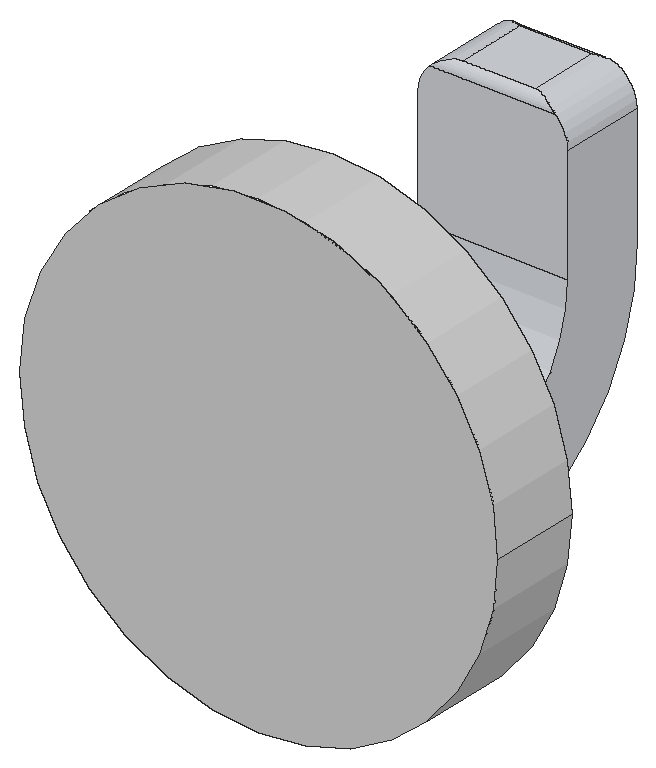
Revit family "SA-2706", category Plumbing Fixtures, host Wall, Revit 2023
Family settings
  Host = Wall
  Round Connector Dimension = Use Diameter
  Part Type = Normal
  OmniClass Number = 23.45.00.00
  OmniClass Title = Sanitary, Laundry, and Cleaning Equipment
  Enable Cutting in Views = No
  Always vertical = Yes
  Cut with Voids When Loaded = No
  Maintain Annotation Orientation = No
  Shared = No
  Room Calculation Point = No
Parameters
  Default Elevation = 0' - 0"
Reference planes (in)
  plane 1: y = 0
  plane 2 "Center (Left/Right)": x = -0.47711
  plane 3 "Back": y = 3
  plane 4: z = 36
  plane 5: x = 0.61664
  plane 6: x = -1.57086
  plane 7: z = 37.09375
  plane 8: z = 34.90625
  plane 9: x = -0.82086
  plane 10: x = -0.13336
  plane 11: y = 4.75
  plane 12: y = 3.42339
  plane 13: y = 4.3127
  plane 14: z = 35.31209
  plane 15: z = 35.69559
Forms (in)
  Extrusion 1, solid, material "Metal"
    sketch origin (-60, 3, 0) x (-1, 0, 0) y (0, 0, 1)
      loop
        circle (-59.52289, 36) r 1.09525
    from 0 to 0.42339
Text (in)
  text "Placement Side" at (0, 40.15149, 123.01588), in view "Right"
  text "Placement Side" at (-70.3804, 45.82615, 0), in view "Ref. Level"
  text "Placement Side" at (0, 47.49176, 113.10569), in view "Left"
Dimensions and locks (in)
  locked: plane 3 "Back" to host wall
  plane 9 to plane 10 = 0' - 0 11/16"
  plane 7 to plane 8 = 0' - 2 3/16"
  locked: plane 12 to plane 3 "Back" at 0.42339
  locked: plane 11 to plane 3 "Back" at 1.75
  locked: plane 3 "Back" to plane 13 at 1.3127
  locked: plane 3 "Back" to nested 1 at 1.34176
Nested families (in)
  nested 1: "Family2" at (-0.47711, 3.42339, 32.27517), type "Family2"
Definition of nested family "Family2"
  Parameters
    Default Elevation = 0' - 0"
  Reference planes (in)
    plane 1 "Center (Front/Back)": y = 0
    plane 2: z = 0
    plane 3 "Center (Left/Right)": x = 0
    plane 4: x = -0.34375
    plane 5: x = 0.34375
  Forms (in)
    Extrusion 1, solid
      sketch origin (0, 0, 0) x (0, 1, 0) y (0, 0, 1)
        loop
          line (0, 3.38664) -> (0, 3.06404)
          arc (0, 3.06404) -> (0.00794, 3.04486) -> (0.02711, 3.03692) r 0.02711
          line (0.02711, 3.03692) -> (0.32364, 3.03692)
          arc (0.32364, 3.03692) -> (1.02047, 3.3148) -> (1.31061, 4.00661) r 0.96984
          line (1.31061, 4.00661) -> (1.31061, 4.69378)
          arc (1.31061, 4.69378) -> (1.30084, 4.71738) -> (1.27724, 4.72715) r 0.03338
          line (1.27724, 4.72715) -> (0.95307, 4.72715)
          arc (0.95307, 4.72715) -> (0.92791, 4.70785) -> (0.91837, 4.6776) r 0.05273
          line (0.91837, 4.6776) -> (0.91837, 4.01952)
          arc (0.91837, 4.01952) -> (0.7441, 3.59877) -> (0.32335, 3.4245) r 0.59502
          line (0.32335, 3.4245) -> (0.03785, 3.4245)
          arc (0.03785, 3.4245) -> (0.01109, 3.41341) -> (0, 3.38664) r 0.03785
      from -0.34375 to 0.34375
    Extrusion 2, void
      sketch origin (0, 1.31061, 4.69378) x (0, 0, 1) y (-1, 0, 0)
        loop
          line (-0.14504, -0.34375) -> (0.03338, -0.34375) -> (0.03338, -0.16533)
          arc (0.03338, -0.16533) -> (-0.01888, -0.29149) -> (-0.14504, -0.34375) r 0.17842
        loop
          arc (-0.14504, 0.34375) -> (-0.01888, 0.29149) -> (0.03338, 0.16533) r 0.17842
          line (0.03338, 0.16533) -> (0.03338, 0.34375) -> (-0.14504, 0.34375)
      from 0 to 0.51411
  Cuts and joins
    Extrusion 2 cuts Extrusion 1
  Dimensions and locks (in)
    plane 4 to plane 3 "Center (Left/Right)" = 0' - 0 11/32"
    aligned and locked: level to plane 2
